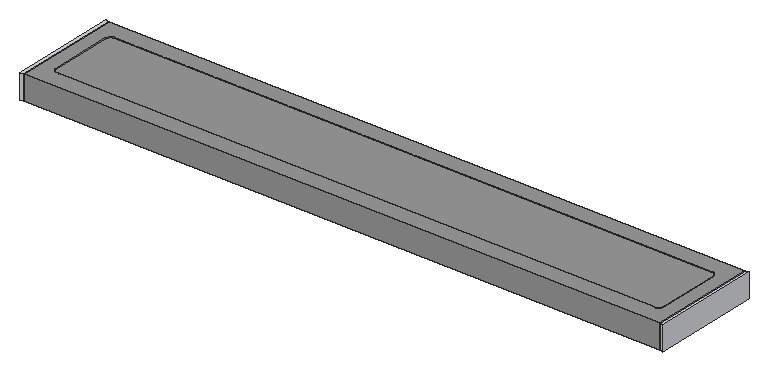
Revit family "2021677 Sylvania Lighting Fixture OPTIX S 1200 ASYMMETRIC 3K DALI WHITE", category Lighting Fixtures, host Face, Revit 2018
Family settings
  Host = Face
  Round Connector Dimension = Use Diameter
  Part Type = Normal
  OmniClass Number = 23.80.70.00
  OmniClass Title = Lighting
  Cut with Voids When Loaded = No
  Light Source = Yes
  Shared = No
  Room Calculation Point = No
Parameters (values of type "2021677 OPTIX S 1200 ASYM 3K DA WHT")
  spacer height = 5 mm
  spacer centres = 1000 mm
  lens width = 1135 mm
  full length = 1200 mm
  Width = 200 mm
  Weight = "n/a"
  Wattage Comments = ""
  Wattage = 9.2903 W
  WarrantyStartDate [instance] = "n/a"
  WarrantyGuarantorParts = "n/a"
  WarrantyDurationUnit = "n/a"
  WarrantyDurationParts = ""
  WarrantyDescription = "http://www.sylvania-lighting.com"
  built-in parameter 1150110 = 1 (stored number, unit not read)
  Voltage = 0 V
  URL = "0.98"
  TypeName = "OPTIX S 1200 ASYMMETRIC 3K DALI WHITE"
  Type Image = <None>
  Type Comments = "n/a"
  built-in parameter 1114217 = 1 (stored number, unit not read)
  Tilt Angle = 90.00°
  built-in parameter 1150109 = 1 (stored number, unit not read)
  built-in parameter 1150134 = 3
  built-in parameter 1150113 = 1 (stored number, unit not read)
  SerialNumber [instance] = "n/a"
  Photometric Web File = "2021677.ies"
  Material_3_FEILO = none
  PowerFactor = 0
  PowerConsumption = "Lighting"
  NominalLength = 200 mm
  NominalHeight = 0 mm
  NominalDepth = 0 mm
  Name = "OPTIX S 1200 ASYMMETRIC 3K DALI WHITE"
  ModelReference = Name  # "OPTIX S 1200 ASYMMETRIC 3K DALI WHITE"
  ModelNumber = "2021677"
  Model = Name  # "OPTIX S 1200 ASYMMETRIC 3K DALI WHITE"
  Material = "Feilo Sylvania"
  ManufacturerName = "113 lm/W"
  Manufacturer = ""
  LuminousEfficacy = ""
  built-in parameter 1150105 = 109.82 (stored number, unit not read)
  Lumens = 1380 lm
  LuminaireType = "0"
  built-in parameter 1150115 = 1 (stored number, unit not read)
  LightOutputRatio = "LED"
  built-in parameter 1150137 = (empty or 0)
  built-in parameter 1150139 = (empty or 0)
  Lens Width = 135 mm
  Length = 1188 mm
  LampsType = Lamp  # "n/a"
  LampNominalLuminous = "3000 K"
  LampMacAdamStep = "80"
  LampColourTemperature = "LED"
  LampColourRenderingIndex = "16500"
  built-in parameter 1150112 = 1 (stored number, unit not read)
  built-in parameter 1150114 = 1 (stored number, unit not read)
  Lamp = "n/a"
  Keynote = "n/a"
  InstallationDate [instance] = "n/a"
  InputVoltage = "0"
  InputNominalFrequency = "3000"
  built-in parameter 1150132 = (empty or 0)
  built-in parameter 1150102 = (empty or 0)
  built-in parameter 1150107 = 3200 (stored number, unit not read)
  built-in parameter 1150138 = (empty or 0)
  IngressProtection = "IfcLightFixtureType"
  ImpactProtectionIndex = "IfcLightFixtureType"
  built-in parameter 1150106 = 1.0982 (stored number, unit not read)
  IfcExportType = "IfcLightFixtureType"
  IfcExportAs = "Class I"
  Height = 50 mm
  ExpectedLife = 50000
  Emit from Circle Diameter = 609.6 mm
  Emit Shape Visible in Rendering = no
  ElectricShockClassification = "113"
  built-in parameter 1150104 = 13.8 (stored number, unit not read)
  DurationUnit = "hours"
  DocumentationLiterature = "http://www.sylvania-lighting.com/product/en-int/products/2021677"
  DimmingControlOptions = "n/a"
  Material_2_FEILO = none
  Dimming Lamp Color Temperature Shift = <None>
  Description = "Surface or Suspended LED Linear luminaire with Asymmetric Aluminium Reflector, Asymmetric Light Distribution, Luminaire Dimensions: 1200x200x50mm, Sylvania White body colour, IP20, IK07, DALI dimmable, Low LED flicker (+/-5%), Warm White (3000K) LED Colour Temperature, 3380lm, 30W, 113lm/W efficacy, CRI>80, 3 SDCM (3-step MacAdam ellipse) LED Colour Consistency, Lumen Maintenance: L90B50 at 60,000 hours."
  Default Elevation = 1219.2 mm
  CreatedOn = "24/03/2021"
  CreatedBy = "@sylvania-lighting.com"
  Cost = 0
  Color Filter = 16777215
  built-in parameter 1114216 [instance] = (empty or 0)
  ClassificationValue = "EF_70_80"
  ClassificationName = "Uniclass2015"
  Material_1_FEILO = none
  BarCode [instance] = "n/a"
  built-in parameter 1114218 = 1 (stored number, unit not read)
  built-in parameter 1150133 = 10 (stored number, unit not read)
  AssetType = "Fixed"
  AssetIdentifier [instance] = "n/a"
  Assembly Code = "D5020200"
  Apparent Load = 30 VA
  Material_4_FEILO = none
Reference planes
  plane 1 "Center (Front/Back)": y = 0
  plane 2: z = 0
  plane 3 "Center (Left/Right)": x = 0
  plane 4: z = 0
  plane 5: z = 50
  plane 6: y = 100
  plane 7: y = -100
  plane 8: x = -594
  plane 9: x = 594
  plane 10: z = 5
  plane 11: x = -500
  plane 12: x = 500
  plane 13: y = 10
  plane 14: y = -10
  plane 15: x = 487.5
  plane 16: x = 512.5
  plane 17: x = -512.5
  plane 18: x = -487.5
  plane 19: x = -567.5
  plane 20: x = 567.5
  plane 21: y = 67.5
  plane 22: y = -67.5
  plane 23: x = -557.5
  plane 24: y = 57.5
  plane 25: y = -57.5
  plane 26: x = 557.5
  plane 27: x = -600
  plane 28: x = 600
Forms (mm)
  Extrusion 1, solid, material "Aluminum 1100-H18", detail levels medium+fine
    sketch origin (4.2, 0, 0) x (1, 0, 0) y (0, 1, 0)
      loop
        line (-598.2, 100) -> (-598.2, -100) -> (589.8, -100) -> (589.8, 100) -> (-598.2, 100)
    from 5 to 50
  Extrusion 2, solid
    sketch origin (4.2, 0, 0) x (1, 0, 0) y (0, 1, 0)
      loop
        line (483.3, 10) -> (483.3, -10) -> (508.3, -10) -> (508.3, 10) -> (483.3, 10)
    from 0 to 5
  Extrusion 3, solid
    sketch origin (4.2, 0, 0) x (1, 0, 0) y (0, 1, 0)
      loop
        line (-516.7, 10) -> (-516.7, -10) -> (-491.7, -10) -> (-491.7, 10) -> (-516.7, 10)
    from 0 to 5
  Extrusion 4, void, detail levels fine
    sketch origin (4.2, 0, 0) x (0, 1, 0) y (1, 0, 0)
      loop
        line (67.5, -561.7) -> (67.5, 553.3)
        arc (67.5, 553.3) -> (64.571, 560.371) -> (57.5, 563.3) r 10
        line (57.5, 563.3) -> (-57.5, 563.3)
        arc (-57.5, 563.3) -> (-64.571, 560.371) -> (-67.5, 553.3) r 10
        line (-67.5, 553.3) -> (-67.5, -561.7)
        arc (-67.5, -561.7) -> (-64.571, -568.771) -> (-57.5, -571.7) r 10
        line (-57.5, -571.7) -> (57.5, -571.7)
        arc (57.5, -571.7) -> (64.571, -568.771) -> (67.5, -561.7) r 10
    from -50 to -48
  Extrusion 5, solid, detail levels medium+fine
    sketch origin (4.2, 0, 0) x (1, 0, 0) y (0, 1, 0)
      loop
        line (-604.2, 100) -> (-604.2, -100) -> (-598.2, -100) -> (-598.2, 100) -> (-604.2, 100)
    from 5 to 50
  Extrusion 6, solid, detail levels medium+fine
    sketch origin (4.2, 0, 0) x (1, 0, 0) y (0, 1, 0)
      loop
        line (589.8, 100) -> (589.8, -100) -> (595.8, -100) -> (595.8, 100) -> (589.8, 100)
    from 5 to 50
  Extrusion 7, solid, material "Glass, White, High Luminance", detail levels fine
    sketch origin (4.2, 0, 0) x (1, 0, 0) y (0, 1, 0)
      loop
        arc (-561.7, 67.5) -> (-568.771, 64.571) -> (-571.7, 57.5) r 10
        line (-571.7, 57.5) -> (-571.7, -57.5)
        arc (-571.7, -57.5) -> (-568.771, -64.571) -> (-561.7, -67.5) r 10
        line (-561.7, -67.5) -> (553.3, -67.5)
        arc (553.3, -67.5) -> (560.371, -64.571) -> (563.3, -57.5) r 10
        line (563.3, -57.5) -> (563.3, 57.5)
        arc (563.3, 57.5) -> (560.371, 64.571) -> (553.3, 67.5) r 10
        line (553.3, 67.5) -> (-561.7, 67.5)
    from 48 to 49.5
  Extrusion 8, solid, detail levels coarse
    sketch origin (4.2, 0, 0) x (1, 0, 0) y (0, 1, 0)
      loop
        line (-604.2, 100) -> (-604.2, -100) -> (595.8, -100) -> (595.8, 100) -> (-604.2, 100)
    from 0 to 50
Cuts and joins
  Extrusion 4 cuts Extrusion 2
  Extrusion 4 cuts Extrusion 3
  Extrusion 4 cuts Extrusion 1
Dimensions and locks
  "Width": plane 6 to plane 7
  equal spacing: plane 6, plane 1 "Center (Front/Back)", plane 7
  "Length": plane 8 to plane 9
  equal spacing: plane 8, plane 3 "Center (Left/Right)", plane 9
  "spacer height": plane 10 to host face
  "Height": plane 5 to level
  "spacer centres": plane 11 to plane 12
  equal spacing: plane 11, plane 3 "Center (Left/Right)", plane 12
  "lens width": plane 19 to plane 20
  equal spacing: plane 19, plane 3 "Center (Left/Right)", plane 20
  "Lens Width": plane 21 to plane 22
  equal spacing: plane 21, plane 1 "Center (Front/Back)", plane 22
  "full length": plane 27 to plane 28
  equal spacing: plane 27, plane 3 "Center (Left/Right)", plane 28
  aligned and locked: plane 2 to host face
  aligned and locked: level to host face
Automatic sketch dimensions
  host sketch curve to host sketch curve = 2438.4 mm  (x2)
  Extrusion 1 sketch curve to plane 7 = 0 mm
  Extrusion 1 sketch curve to plane 8 = 0 mm
  Extrusion 1 sketch curve to plane 9 = 0 mm
  Extrusion 1 sketch curve to plane 6 = 0 mm
  Extrusion 2 sketch curve to plane 14 = 0 mm
  Extrusion 2 sketch curve to plane 15 = 0 mm
  Extrusion 2 sketch curve to plane 16 = 0 mm
  Extrusion 2 sketch curve to plane 13 = 0 mm
  Extrusion 3 sketch curve to plane 14 = 0 mm
  Extrusion 3 sketch curve to plane 17 = 0 mm
  Extrusion 3 sketch curve to plane 18 = 0 mm
  Extrusion 3 sketch curve to plane 13 = 0 mm
  Extrusion 4 sketch curve to plane 22 = 0 mm
  Extrusion 4 sketch curve to plane 19 = 0 mm
  Extrusion 4 sketch curve to plane 25 = 0 mm  (x2)
  Extrusion 4 sketch curve to plane 20 = 0 mm
  Extrusion 4 sketch curve to plane 24 = 0 mm  (x2)
  Extrusion 4 sketch curve to plane 23 = 0 mm
  Extrusion 5 sketch curve to plane 7 = 0 mm
  Extrusion 5 sketch curve to plane 27 = 0 mm
  Extrusion 5 sketch curve to plane 8 = 0 mm
  Extrusion 5 sketch curve to plane 6 = 0 mm
  Extrusion 6 sketch curve to plane 7 = 0 mm
  Extrusion 6 sketch curve to plane 9 = 0 mm
  Extrusion 6 sketch curve to plane 28 = 0 mm
  Extrusion 6 sketch curve to plane 6 = 0 mm
  Extrusion 7 sketch curve to plane 23 = 0 mm  (x2)
  Extrusion 7 sketch curve to plane 21 = 0 mm
  Extrusion 7 sketch curve to plane 22 = 0 mm
  Extrusion 7 sketch curve to plane 26 = 0 mm  (x2)
  Extrusion 7 sketch curve to plane 20 = 0 mm
  Extrusion 7 sketch curve to plane 24 = 0 mm
  Extrusion 8 sketch curve to plane 7 = 0 mm
  Extrusion 8 sketch curve to plane 27 = 0 mm
  Extrusion 8 sketch curve to plane 28 = 0 mm
  Extrusion 8 sketch curve to plane 6 = 0 mm
Connectors
  electrical at (0, 0, 0), driven by "Apparent Load", driven by "PowerFactor", driven by "Voltage"
    settings: index 1, voltage 0 V, apparent load 30 VA, apparent load phase1 0 VA, apparent load phase2 0 VA, apparent load phase3 0 VA, power factor 0, load classification "Lighting", number of poles 1, system type 30, power factor state 1, is connector primary yes, connector utility no, sub classification motor no, connector description ""
